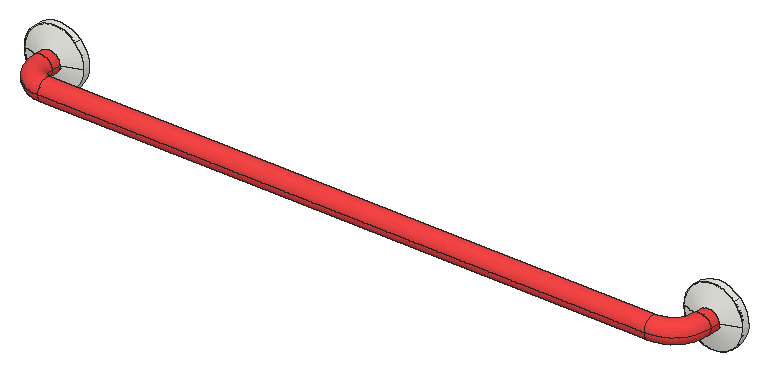
Revit family "Animo Handrail_", category Casework, Revit 2012
Parameters (values of type "1627 P")
  angle [instance] = 0.00°
  URL = "www.korpinen.com"
  Type Comments = ""
  Model = "Animo 1627 P Handrail"
  Manufacturer = "Väinö Korpinen Oy"
  Length = 1000 mm
  Keynote = ""
  Height = 0 mm
  Handrail Color = RAL 3003 - Red
  Covering Plate = RAL 9010 - White
Types (20, lengths in mm): name | Model | Length | Keynote | Handrail Color
  1621 P | "Animo 1621 P Handrail" | 450 | "" | RAL 3003 - Red
  1621 | "Animo 1621 Handrail" | 450 | "" | RAL 9010 - White
  1621 K | "Animo 1621 K Handrail" | 450 | "Handrail" | RAL 1004 - Yellow
  1621 H | "Animo 1621 H Handrail" | 450 | "" | RAL 7037 - Grey
  1622 | "Animo 1622 Handrail" | 550 | "" | RAL 9010 - White
  1622 H | "Animo 1622 K Handrail" | 550 | "" | RAL 7037 - Grey
  1622 K | "Animo 1622 K Handrail" | 550 | "" | RAL 1004 - Yellow
  1622 P | "Animo 1622 P Handrail" | 550 | "" | RAL 3003 - Red
  1625 | "Animo 1625 Handrail" | 700 | "" | RAL 9010 - White
  1625 H | "Animo 1625 H Handrail" | 700 | "" | RAL 7037 - Grey
  1625 K | "Animo 1625 K" | 700 | "" | RAL 1004 - Yellow
  1625 P | "Animo 1625 P Handrail" | 700 | "" | RAL 3003 - Red
  1626 | "Animo 1626 Handrail" | 800 | "" | RAL 9010 - White
  1626 H | "Animo 1626 H Handrail" | 800 | "" | RAL 7037 - Grey
  1626 K | "Animo 1626 K Handrail" | 800 | "" | RAL 1004 - Yellow
  1626 P | "Animo 1626 P Handrail" | 800 | "" | RAL 3003 - Red
  1627 | "Animo 1627 Handrail" | 1000 | "" | RAL 9010 - White
  1627 H | "Animo 1627 H Handrail" | 1000 | "" | RAL 7037 - Grey
  1627 K | "Animo 1627 K Handrail" | 1000 | "" | RAL 1004 - Yellow
  1627 P | "Animo 1627 P Handrail" | 1000 | "" | RAL 3003 - Red
Reference planes
  plane 1 "Center (Front/Back)": y = 0
  plane 2: z = 0
  plane 3 "Center (Left/Right)": x = 0
  plane 4: y = -10
Dimensions and locks
  plane 4 to plane 1 "Center (Front/Back)" = 10 mm
  aligned and locked: level to plane 2
  aligned and locked: plane 1 "Center (Front/Back)" to nested 1
Nested families
  nested 1: "Rotating Rail" at (0, 0, 0), type "Rotating Rail"
    with a 0.00°, Length 1000 mm
Definition of nested family "Rotating Rail"
  Parameters (values of type "Family9")
    a = 45.00°
    Length = 450 mm
    Handrail Color = RAL 3003 - Red
    Covering Plate = RAL 9010 - White
  Reference planes
    plane 1 "Center (Front/Back)": y = 0
    plane 2: z = 0
    plane 3 "Center (Left/Right)": x = 0
    plane 4: through (0, -1524, 0) normal (-0.7071, 0, 0.7071)
    plane 5: through (-339.411, -1524, 339.411) normal (0.7071, 0, 0.7071)
    plane 6: through (-180.312, -1524, 498.51) normal (0.7071, 0, 0.7071)
    plane 7: through (-498.51, -1524, 180.312) normal (0.7071, 0, 0.7071)
  Forms (mm)
    Extrusion 1, solid, material "RAL 9010 - White" <- "Covering Plate"
      sketch origin (601.041, 0, -601.041) x (0.707107, 0, 0.707107) y (-0.707107, 0, 0.707107)
        loop
          circle (-225, 850) r 45
        loop
          circle (225, 850) r 45
      from 0 to 10
    Sweep 2, solid, material "RAL 3003 - Red" <- "Handrail Color"
      path origin (0, -1524, 0) x (-0.707107, 0, -0.707107) y (0, -1, 0)
        loop
          line (225, -1514) -> (225, -1489)
          arc (225, -1489) -> (213.284, -1460.716) -> (185, -1449) r 40
          line (185, -1449) -> (-185, -1449)
          arc (-185, -1449) -> (-213.284, -1460.716) -> (-225, -1489) r 40
          line (-225, -1489) -> (-225, -1514)
      profile "Pipe 32mm : Pipe 32mm" origin (-159.099, -22.5, -159.099) x (0.707107, 0, 0.707107) y (-0.707107, 0, 0.707107)
        loop
          circle (0, 0) r 16
    Revolve 3, solid, material "RAL 9010 - White" <- "Covering Plate", detail levels fine
      sketch origin (0, -1524, 0) x (-0.707107, 0, -0.707107) y (0, -1, 0)
        loop
          line (-209, -1514) -> (-180, -1514) -> (-209, -1504) -> (-209, -1514)
        axis (-225, -1514) -> (-225, -1504)
      angle from 0 to 360
    Revolve 4, solid, material "RAL 9010 - White" <- "Covering Plate", detail levels fine
      sketch origin (0, -1524, 0) x (-0.707107, 0, -0.707107) y (0, -1, 0)
        loop
          line (241, -1514) -> (270, -1514) -> (241, -1504) -> (241, -1514)
        axis (225, -1514) -> (225, -1504)
      angle from 0 to 360
  Dimensions and locks
    equal spacing: plane 6, plane 5, plane 7
    "Length": plane 6 to plane 7
    "a": angle plane 3 "Center (Left/Right)" to plane 5
    "a": angle level to plane 4
    aligned and locked: level to plane 2
  Automatic sketch dimensions
    plane 4 to Extrusion 1 sketch curve = 0 mm  (x2)
    Extrusion 1 sketch curve to plane 7 = 0 mm
    plane 6 to Extrusion 1 sketch curve = 0 mm
    Sweep 2 sketch curve to plane 6 = 0 mm
    Sweep 2 sketch curve to plane 7 = 0 mm
    Sweep 2 sketch curve to plane 6 = 40 mm
    plane 7 to Sweep 2 sketch curve = 40 mm
    plane 1 "Center (Front/Back)" to Sweep 2 sketch curve = 10 mm  (x2)
    Sweep 2 sketch curve to Sweep 2 sketch curve = 25 mm
    Revolve 3 sketch curve to plane 6 = 0 mm
    Revolve 3 sketch curve to Revolve 3 sketch curve = 16 mm
    plane 1 "Center (Front/Back)" to Revolve 3 sketch curve = 10 mm
    Revolve 3 sketch curve to Revolve 3 sketch curve = 29 mm
    Revolve 3 sketch curve to plane 1 "Center (Front/Back)" = 10 mm
    Revolve 3 sketch curve to Revolve 3 sketch curve = 10 mm
    Revolve 3 sketch curve to Revolve 3 sketch curve = 0 mm
    Revolve 4 sketch curve to plane 7 = 0 mm
    Revolve 4 sketch curve to Revolve 4 sketch curve = 16 mm
    plane 1 "Center (Front/Back)" to Revolve 4 sketch curve = 10 mm
    Revolve 4 sketch curve to Revolve 4 sketch curve = 29 mm
    Revolve 4 sketch curve to plane 1 "Center (Front/Back)" = 10 mm
    Revolve 4 sketch curve to Revolve 4 sketch curve = 10 mm
    Revolve 4 sketch curve to Revolve 4 sketch curve = 0 mm
    radius of Extrusion 1 sketch curve = 45 mm  (x2)
